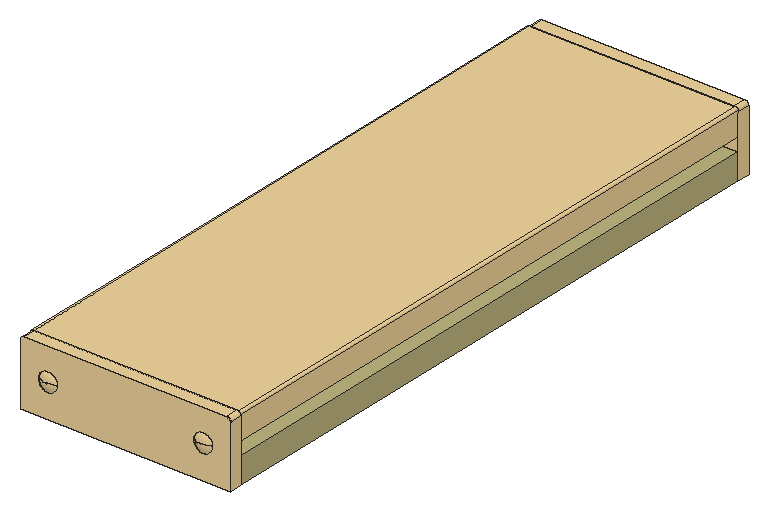
Revit family "JC KONTAKTER JCK119 DE", category Specialty Equipment, host Face, Revit 2025
Family settings
  Host = Face
  Round Connector Dimension = Use Diameter
  Part Type = Normal
  Enable Cutting in Views = Yes
  Cut with Voids When Loaded = No
  Maintain Annotation Orientation = Yes
  Shared = No
  Room Calculation Point = No
Parameters (values of type "JCK119")
  URL = "https://grossflaechentaster.de/produkt/grossflachentaster-metall/grossflachentaster-jck119/"
  Technisches Produktblatt = "https://grossflaechentaster.de/wp-content/uploads/sites/3/Technisches-Produktdatenblatt-_JCK119_DE.pdf"
  Produktgewicht = "0.619 kg."
  Nomineller nennstrom = "12 V - Resistive 6A Inductive L/R 5ms 6A, 24 V - Resistive 6A Inductive L/R 5ms 5A"
  Model = "JCK119"
  Mikroschalter = "Standard NO IP67"
  Manufacturer = "JC kontakter"
  Kern = Aluminum ENAW 6060-T6 (goldeloxiert)
  Herstellungsland = "Schweden"
  Geringster nennstrom = "1mA/4 V DC"
  Endkappen = Messing
  Description = "JCK119 ist ein robuster Großflächentaster mit flacher Druckplatte und Endkappe aus Messing sowie einem Unterteil aus goldeloxiertem Aluminium. Das Modell wurde für den Einsatz in exklusiven Umgebungen und denkmalgeschützten Gebäuden entwickelt. JCK119 kann auch mit Funksteuerung bestellt werden, da es in älteren Gebäuden oft schwierig ist, Kabel zu verlegen."
  Default Elevation = 800 mm
  Deckel = Messing
  CE-kennzeichnung = "https://jckontakter.se/wp-content/uploads/CE_Dokument.pdf"
  Anzahl der mikroschalter = 2
Reference planes
  plane 1 "Center (Front/Back)": y = 0
  plane 2: z = 0
  plane 3 "Center (Left/Right)": x = 0
  plane 4 "A": y = -118.5
Lines and regions (mm)
  symbolic lines
    curve 1: line (-50, 0, 50) -> (50, 0, 50)
    curve 2: line (-50, 0, 0) -> (-50, 0, 50)
    curve 3: line (50, 0, 0) -> (-50, 0, 0)
    curve 4: line (50, 0, 50) -> (50, 0, 0)
    curve 5: line (-40, 118.5, 0) -> (40, 118.5, 0)
    curve 6: line (-40, -118.5, 0) -> (-40, 118.5, 0)
    curve 7: line (40, -118.5, 0) -> (-40, -118.5, 0)
    curve 8: line (40, 118.5, 0) -> (40, -118.5, 0)
Text (mm)
  text "Entfernen Sie diesen Text vor der Verwendung.\n\nPlatzierungsanweisungen:\n\n1. In das Projekt laden.\n2. Bewegen Sie den Mauszeiger über die Fläche, auf der die Familie platziert werden soll.\n3. Wenn die Familie gedreht angezeigt wird, aktivieren Sie die Option „Nach Platzierung drehen.\n4. Klicken Sie auf die gewünschte Fläche.\n5. Geben Sie den gewünschten Winkel ein.\n6. Drücken Sie die Eingabetaste." at (123.173, 1072.34, 0), in view "Ref. Level"
Dimensions and locks
  aligned and locked: plane 2 to host face
  aligned and locked: level to host face
Nested families
  nested 1: "AK_119" at (0, -118.5, 0) x (1, 0, 0) z (0, 1, 0), type "AK_119"
Definition of nested family "AK_119"
  Parameters (values of type "AK_119")
    Screw Finish = none
    Default Elevation = 1219.2 mm
    Core Finish = none
    URL = "https://jckontakter.se/produkt/armbagskontakter-metall/armbagskontakt-massing/"
    Model = "JCK119"  # constant formula
    Manufacturer = "JC Kontakter"  # constant formula
    Lid Finish = none
    End Cap Finish = none
    Description = "JCK119 är en tålig armbågskontakt med plan tryckplatta och endcap i mässing, samt underdel i guldeloxerad aluminium. Modellen är utvecklad för att användas i exklusiva miljöer och i äldre, k-märkta byggnader. JCK119 går bra att beställa med radiostyrning då det ofta är svårt att komma fram med kablage i äldre byggnader."  # constant formula
  Types (2, lengths in mm): name | URL
    AK_119 | "https://jckontakter.se/produkt/armbagskontakter-metall/armbagskontakt-massing/"
    AK 207 | "https://jckontakter.se/produkt/armbagskontakter-metall/armbagskontakt-i-aluminium-jck207/"
  Reference planes
    plane 1 "Center (Front/Back)": y = 0
    plane 2: z = 0
    plane 3 "Center (Left/Right)": x = 0
    plane 4 "1": x = 40
    plane 5 "A": z = 5
    plane 6 "B": z = 241
    plane 7 "1A": y = -13
  Forms (mm)
    Extrusion 1, solid, material <- "Core Finish"
      sketch origin (40, 0, 5) x (1, 0, 0) y (0, 1, 0)
        loop
          line (-80, 0) -> (-80, -10) -> (-73.5, -10) -> (-73.5, -15.5) -> (-6.5, -15.5) -> (-6.5, -10) -> (0, -10) -> (0, 0) -> (-80, 0)
      from 0 to 236
    Extrusion 2, solid, material <- "Lid Finish"
      sketch origin (-40, 0, 5) x (-1, 0, 0) y (0, -1, 0)
        loop
          line (0, 15) -> (0, 24)
          arc (0, 24) -> (-0.293, 24.707) -> (-1, 25) r 1
          line (-1, 25) -> (-79, 25)
          arc (-79, 25) -> (-79.707, 24.707) -> (-80, 24) r 1
          line (-80, 24) -> (-80, 15) -> (0, 15)
      from 0 to 236
    Extrusion 3, solid, material <- "End Cap Finish"
      sketch origin (-40, 0, 0) x (1, 0, 0) y (0, 1, 0)
        loop
          arc (0, -23.5) -> (0.439, -24.561) -> (1.5, -25) r 1.5
          line (1.5, -25) -> (78.5, -25)
          arc (78.5, -25) -> (79.561, -24.561) -> (80, -23.5) r 1.5
          line (80, -23.5) -> (80, 0) -> (0, 0) -> (0, -23.5)
      from 0 to 5
    Extrusion 4, solid, material <- "End Cap Finish"
      sketch origin (0, 0, 241) x (-1, 0, 0) y (0, -1, 0)
        loop
          arc (40, 23.5) -> (39.561, 24.561) -> (38.5, 25) r 1.5
          line (38.5, 25) -> (-38.5, 25)
          arc (-38.5, 25) -> (-39.561, 24.561) -> (-40, 23.5) r 1.5
          line (-40, 23.5) -> (-40, 0) -> (40, 0) -> (40, 23.5)
      from 0 to 5
    Extrusion 5, void
      sketch origin (0, 0, 0) x (1, 0, 0) y (0, 1, 0)
        loop
          circle (-29.5, -13) r 3.5
        loop
          circle (29.5, -13) r 3.5
      from 0 to 1
    Revolve 6, solid, material <- "Screw Finish"
      sketch origin (0, -13, 0) x (-1, 0, 0) y (0, 0, 1)
        loop
          line (33, 0) -> (29.5, 0) -> (29.5, -0.928)
          arc (29.5, -0.928) -> (31.311, -0.692) -> (33, 0) r 7.062
        axis (29.5, -0.928) -> (29.5, 0.072)
      angle from 0 to 360
    Revolve 7, solid, material <- "Screw Finish"
      sketch origin (59, -13, 0) x (-1, 0, 0) y (0, 0, 1)
        loop
          line (33, 0) -> (29.5, 0) -> (29.5, -0.928)
          arc (29.5, -0.928) -> (31.311, -0.692) -> (33, 0) r 7.062
        axis (29.5, -0.928) -> (29.5, 0.072)
      angle from 0 to 360
    Extrusion 8, void
      sketch origin (0, 0, 241) x (-1, 0, 0) y (0, -1, 0)
        loop
          circle (29.5, 13) r 3.5
        loop
          circle (-29.5, 13) r 3.5
      from 4 to 5
    Revolve 9, solid, material <- "Screw Finish"
      sketch origin (0, -13, 0) x (-1, 0, 0) y (0, 0, 1)
        loop
          arc (33, 246) -> (31.311, 246.692) -> (29.5, 246.928) r 7.062
          line (29.5, 246.928) -> (29.5, 246) -> (33, 246)
        axis (29.5, 246) -> (29.5, 247)
      angle from 0 to 360
    Revolve 10, solid, material <- "Screw Finish"
      sketch origin (59, -13, 0) x (-1, 0, 0) y (0, 0, 1)
        loop
          arc (33, 246) -> (31.311, 246.692) -> (29.5, 246.928) r 7.062
          line (29.5, 246.928) -> (29.5, 246) -> (33, 246)
        axis (29.5, 246) -> (29.5, 247)
      angle from 0 to 360
  Cuts and joins
    Extrusion 5, Extrusion 8 cuts Extrusion 3
    Extrusion 8 cuts Revolve 6
    Extrusion 8 cuts Revolve 7
    Extrusion 8 cuts Extrusion 4
  Dimensions and locks
    aligned and locked: level to plane 2
